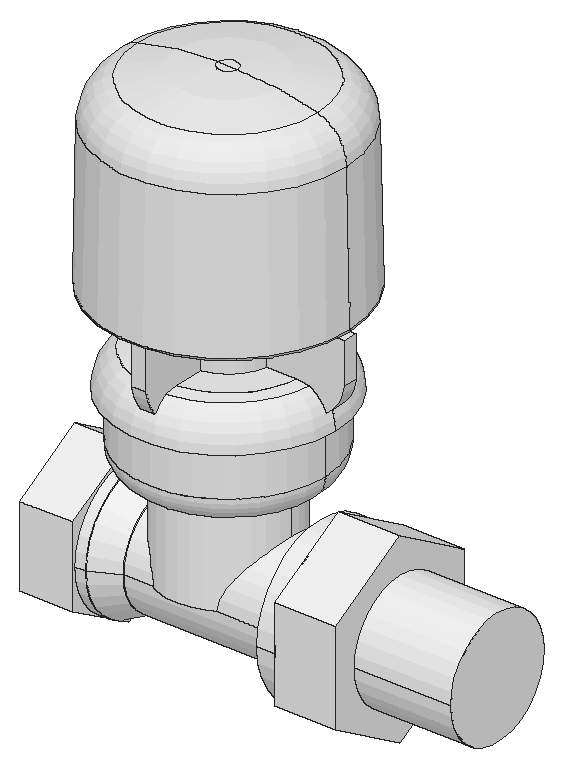
Revit family "RA-N_Straight_DN10-20_F_Aero_RFA", category Pipe Accessories, Revit 2019
Family settings
  Round Connector Dimension = Use Diameter
  Part Type = Valve - Breaks Into
  OmniClass Number = 23.65.55.14.17
  OmniClass Title = Adjusting/Controlling Valves for Liquid Services
  Work Plane-Based = No
  Always vertical = Yes
  Cut with Voids When Loaded = No
  Shared = No
Parameters (values of type "RA-N_Straight_DN20_Internal_F_013G0016")
  length = 96.60 mm
  Weight = 0.38 kg
  W = if(or(Sensor Type = [015G4540], Sensor Type = [015G4544], Sensor Type = [015G4542]), 61.00 mm, 56.00 mm)  # 56.00 mm
  Setting Range = "1-7,N"  # constant formula
  Sensor Type = Aero Sensors_RA_RFA : Aero Sensors_Built-in_7-28 °C
  SL = L1 + L2  # 74.30 mm
  Standard = if(and(LOD 350, L_nut thread1 > 8.00 mm), 1 = 1, 1 = 0)  # yes
  R_200_1 = 21.19 mm
  R_200 = 18.30 mm
  RV4 = 18.20 mm
  RV3 = 15.00 mm
  RV2 = 15.60 mm
  Pressure Drop [instance] = 0.0 bar
  Press_fit_350 = and(Press_fit, LOD 350)  # no
  Press_fit = not(Standard)  # no
  Model Type = "RA-N_Straight_DN20_Internal_F"
  Model = "013G0016"
  Max Operating Pressure = "10 bar"  # constant formula
  Max Medium Temperature = "120 ˚C"  # constant formula
  Max Differential Pressure = "0.6 bar"  # constant formula
  L4 = 14.00 mm
  Valve Body Material = Danfoss Brass (Nickel plated)
  RV5 = 13.30 mm
  LOD 350 = not(LOD 200)  # yes
  LOD 200 = no
  L8 = 4.20 mm
  L7 = 18.00 mm
  L6 = 14.00 mm
  L5 = 6.20 mm
  L [instance] = 96.60 mm
  Kvs = 1.4 m³/h
  IfcExportType = "RA-N"  # constant formula
  IfcExportAs = "IfcValveType"  # constant formula
  Ha = 84.00 mm + HT1  # 104.00 mm
  HT = HT1 + 33.00 mm  # 53.00 mm
  HT1 = if(D = 20.00 mm, 20.00 mm, 15.00 mm)  # 20.00 mm
  L3 = 12.20 mm
  URL = "https://store.danfoss.com/en/Climate-Solutions-for-heating/Radiator-Thermostats/Radiator-Valves/Build-on-valves/Presetting-valves/c/13866?q=%3Arelevance%3Adanfoss_producttypehierarchydesc%3ARA-N%3Adanfoss_a223339155%3AA223_3391558c5e50fab3748e9c53a6863b3dce1401%3Adanfoss_a2824460767%3AA2824_460767800618943025315f869e4e1f09471012%3Adanfoss_a50461501115_fts%3AA5046_150111582a2288245d249094b5396089516c12e&text="
  Manufacturer = "Danfoss"  # constant formula
  L2 = 39.30 mm
  L1 = 35.00 mm
  H [instance] = 125.189 mm
  Flow [instance] = 0.0 m³/h
  Description = "Thermostatic Radiator Valve"  # constant formula
  SD = R_200_1 * 2  # 42.38 mm
  DB1 = 29.00 mm
  DV1 = 25.00 mm
  L_nut thread2 = 18.35 mm
  L_nut thread1 = 15.85 mm
  D = 20.00 mm
  Connection = "Internal thread"  # constant formula
  015G4544 = Aero Sensors_RA_RFA : Aero Sensors_Tamperproof_Built-in_7-21 °C_015G4544
  015G4542 = Aero Sensors_RA_RFA : Aero Sensors_Tamperproof_Remote_7-26 °C_015G4542
  015G4540 = Aero Sensors_RA_RFA : Aero Sensors_Tamperproof_Built-in_7-28 °C_015G4540
Reference planes
  plane 1 "Center (Front/Back)": y = 0
  plane 2 "XYPLANE": z = 6
  plane 3 "Center (Left/Right)": x = 0
  plane 4 "63": x = 0
  plane 5 "62": x = -35
  plane 6 "61": x = 39.3
  plane 7 "60": y = 0
  plane 8 "59": z = 0
  plane 9 "Y2": x = -22.8
  plane 10: x = 61.6
  plane 11: x = 25.3
  plane 12: z = 20
  plane 13: x = 18
  plane 14: x = -14
  plane 15: x = -20.2
  plane 16: x = 21.1
  plane 17: x = -18.073
  plane 18: z = 53
  plane 19: y = 28
  plane 20: y = -28
  plane 21: z = 104
Forms (mm)
  Extrusion 1, solid, material "Danfoss Brass (Nickel plated)" <- "Valve Body Material", visible <- "LOD 350", detail levels fine
    sketch origin (-15, 0, 0) x (0, 0, 1) y (0, -1, 0)
      loop
        circle (0, 0) r 12.5
    from 1 to 33
  Extrusion 2, solid, material "Danfoss Brass (Nickel plated)" <- "Valve Body Material", visible <- "LOD 350", detail levels fine
    sketch origin (39.3, -750, 0) x (0, 1, 0) y (0, 0, 1)
      loop
        line (750, 21.189) -> (731.65, 10.594) -> (731.65, -10.594) -> (750, -21.189) -> (768.35, -10.594) -> (768.35, 10.594) -> (750, 21.189)
    from 0 to -14
  Extrusion 3, solid, material "Danfoss Brass (Nickel plated)" <- "Valve Body Material", visible <- "Standard", detail levels fine
    sketch origin (-35, -750, 0) x (0, 1, 0) y (0, 0, 1)
      loop
        line (750, 18.302) -> (734.15, 9.151) -> (734.15, -9.151) -> (750, -18.302) -> (765.85, -9.151) -> (765.85, 9.151) -> (750, 18.302)
    from 0 to 12.2 <- "L3"
  Extrusion 4, solid, material "Danfoss Brass (Nickel plated)" <- "Valve Body Material", visible <- "Standard", detail levels fine
    sketch origin (39.3, -750, 0) x (0, 1, 0) y (0, 0, 1)
      loop
        circle (750, 0) r 15.6
    from -62.1 to -59.5
  Extrusion 5, solid, material "Danfoss Brass (Nickel plated)" <- "Valve Body Material", visible <- "LOD 200", detail levels fine
    sketch origin (39.3, -750, 0) x (0, 1, 0) y (0, 0, 1)
      loop
        circle (750, 0) r 12.5
    from -62.1 to -14
  Extrusion 6, solid, material "Danfoss Brass (Nickel plated)" <- "Valve Body Material", detail levels fine
    sketch origin (0, 0, 0) x (0, 1, 0) y (0, 0, 1)
      loop
        circle (0, 0) r 13.3
    from 39.3 to 61.6
  Extrusion 7, solid, material "Danfoss Brass (Nickel plated)" <- "Valve Body Material", detail levels fine
    sketch origin (0, 0, 0) x (1, 0, 0) y (0, 1, 0)
      loop
        circle (0, 0) r 14.5
    from 0 to 20
  Blend 8, solid, material "Danfoss Brass (Nickel plated)" <- "Valve Body Material", visible <- "LOD 350", detail levels fine
    base sketch origin (0, 0, 0) x (0, 1, 0) y (0, 0, 1)
      loop
        circle (0, 0) r 15.6
    top sketch origin (0, 0, 0) x (0, 1, 0) y (0, 0, 1)
      loop
        circle (0, 0) r 12.5
    from -20.2 to -14
  Blend 9, solid, material "Danfoss Brass (Nickel plated)" <- "Valve Body Material", visible <- "LOD 350", detail levels fine
    base sketch origin (0, 0, 0) x (0, 1, 0) y (0, 0, -1)
      loop
        circle (0, 0) r 15
    top sketch origin (0, 0, 0) x (0, 1, 0) y (0, 0, -1)
      loop
        circle (0, 0) r 12.5
    from -21.1 to -18
  Extrusion 10, solid, material "Danfoss Brass (Nickel plated)" <- "Valve Body Material", visible <- "LOD 350", detail levels fine
    sketch origin (-29.5, -750, 0) x (0, 1, 0) y (0, 0, -1)
      loop
        circle (750, 0) r 18.2
    from -54.8 to -50.6
  Revolve 11, solid, material "Danfoss Brass (Nickel plated)" <- "Valve Body Material", visible <- "Press_fit_350", detail levels fine
    sketch origin (0, 0, 0) x (1, 0, 0) y (0, 0, 1)
      loop
        line (-35, 15.6) -> (-35, 0) -> (-20.2, 0) -> (-20.2, 15.6) -> (-18.073, 15.6)
        arc (-18.073, 15.6) -> (-20.437, 17.963) -> (-22.8, 15.6) r 2.363
        line (-22.8, 15.6) -> (-35, 15.6)
      axis (-35, 0) -> (-18.073, 0)
    angle from 0 to 360
  Revolve 12, solid, material "Danfoss Brass (Nickel plated)" <- "Valve Body Material", visible <- "Press_fit_350", detail levels fine
    sketch origin (0, 0, 0) x (1, 0, 0) y (0, 0, 1)
      loop
        line (39.3, 10.696) -> (39.3, 0) -> (49.232, 0) -> (49.232, 12.815) -> (42.699, 12.815) -> (42.699, 10.696) -> (39.3, 10.696)
      axis (39.3, 0) -> (49.232, 0)
    angle from 0 to 360
  Extrusion 13, solid, material "Danfoss Brass (Nickel plated)" <- "Valve Body Material", visible <- "LOD 200", detail levels fine
    sketch origin (0, 0, 0) x (0, 1, 0) y (0, 0, 1)
      loop
        circle (0, 0) r 18.3
    from -35 to -22.8
  Extrusion 14, solid, material "Danfoss Brass (Nickel plated)" <- "Valve Body Material", visible <- "LOD 200", detail levels fine
    sketch origin (0, 0, 0) x (0, 1, 0) y (0, 0, 1)
      loop
        circle (0, 0) r 21.19
    from 25.3 to 39.3
Lines and regions (mm)
  reference lines, not visible
    curve 1: circle (2, 2, 0) r 1 normal (0, 0, 1)
  reference lines, visible <- "LOD 350"
    curve 2: line (39.3, 0, 0) -> (39.3, 5.846, -3.375)
    curve 3: line (39.3, 0, 0) -> (39.3, 0, -6.75)
    curve 4: line (39.3, 0, 0) -> (39.3, -5.846, -3.375)
    curve 5: line (-35, 0, 0) -> (-35, -4.98, -2.875)
    curve 6: line (-35, 0, 0) -> (-35, 0, -5.75)
    curve 7: line (-35, 0, 0) -> (-35, 4.98, -2.875)
Dimensions and locks
  plane 1 "Center (Front/Back)" to curve 1 = 2.00 mm
  locked: plane 3 "Center (Left/Right)" to plane 4 "63"
  "L1": plane 3 "Center (Left/Right)" to plane 5 "62"
  "L2": plane 3 "Center (Left/Right)" to plane 6 "61"
  locked: plane 1 "Center (Front/Back)" to plane 7 "60"
  plane 8 "59" to plane 2 "XYPLANE" = 6.00 mm
  "L_nut thread2": curve 2 to Extrusion 2 sketch curve  (x2)
  "L_nut thread2": curve 3 to Extrusion 2 sketch curve  (x2)
  "L_nut thread2": curve 4 to Extrusion 2 sketch curve  (x2)
  "L_nut thread1": curve 5 to Extrusion 3 sketch curve  (x2)
  "L_nut thread1": curve 6 to Extrusion 3 sketch curve  (x2)
  "L_nut thread1": curve 7 to Extrusion 3 sketch curve  (x2)
  "L3": plane 5 "62" to plane 9 "Y2"
  "L4": plane 11 to plane 6 "61"
  "HT1": plane 12 to level
  "L6": plane 3 "Center (Left/Right)" to plane 14
  "L7": plane 13 to plane 3 "Center (Left/Right)"
  "L5": plane 14 to plane 15
  "length": plane 5 "62" to plane 10
  plane 6 "61" to plane 5 "62" = 74.30 mm
  "L": plane 10 to plane 5 "62"
  "L8": plane 11 to plane 16
  locked: plane 17 to plane 9 "Y2" at 4.727
  "RV2": Revolve 11 sketch curve to Revolve 11 sketch curve
  equal spacing: Revolve 12 sketch curve, Revolve 12 sketch curve, Revolve 12 sketch curve
  Revolve 12 sketch curve to Revolve 12 sketch curve = 10.696 mm
  Revolve 12 sketch curve to Revolve 12 sketch curve = 12.815 mm
  Revolve 12 sketch curve to Revolve 12 sketch curve = 2.12 mm
  "RV2": Revolve 11 sketch curve to level
  plane 18 to plane 12 = 33.00 mm
  "HT": plane 18 to level
  Extrusion 2 to Extrusion 2 = 36.70 mm
  Extrusion 3 to Extrusion 3 = 31.70 mm
  level to Extrusion 3 = 18.302 mm
  level to Extrusion 2 = 21.189 mm
  equal spacing: plane 19, plane 1 "Center (Front/Back)", plane 20
  "W": plane 19 to plane 20
  "Ha": plane 21 to level
  "H": plane 21 to Extrusion 2
  "DV1": diameter of Extrusion 1 sketch curve
  "RV2": radius of Extrusion 4 sketch curve
  "DV1": diameter of Extrusion 5 sketch curve
  "RV5": radius of Extrusion 6 sketch curve
  "DB1": diameter of Extrusion 7 sketch curve
  "RV2": radius of Blend 8 sketch curve
  "DV1": diameter of Blend 8 sketch curve
  "RV3": radius of Blend 9 sketch curve
  "DV1": diameter of Blend 9 sketch curve
  "RV4": radius of Extrusion 10 sketch curve
  radius of Revolve 11 sketch curve = 2.363 mm
  "R_200": radius of Extrusion 13 sketch curve
  "R_200_1": radius of Extrusion 14 sketch curve
  locked: curve 3 to curve 2 (angle 60.00°)
  locked: curve 4 to curve 3 (angle 60.00°)
  locked: curve 4 to curve 2 (angle 120.00°)
  locked: curve 6 to curve 5 (angle 60.00°)
  locked: curve 7 to curve 6 (angle 60.00°)
  locked: curve 7 to curve 5 (angle 120.00°)
  aligned and locked: Extrusion 1 sketch curve to plane 7 "60"
  aligned and locked: curve 4 to plane 7 "60"
  aligned and locked: plane 8 "59" to curve 4
  aligned and locked: curve 7 to plane 7 "60"
  aligned and locked: plane 8 "59" to curve 7
  aligned and locked: plane 1 "Center (Front/Back)" to Extrusion 4 sketch curve
  aligned and locked: level to Extrusion 4 sketch curve
  aligned and locked: plane 1 "Center (Front/Back)" to Extrusion 5 sketch curve
  aligned and locked: level to Extrusion 5 sketch curve
  aligned and locked: plane 9 "Y2" to Extrusion 3
  aligned and locked: plane 1 "Center (Front/Back)" to Extrusion 6 sketch curve
  aligned and locked: level to Extrusion 6 sketch curve
  aligned and locked: Extrusion 2 to plane 11
  aligned and locked: plane 4 "63" to Extrusion 7 sketch curve
  aligned and locked: plane 7 "60" to Extrusion 7 sketch curve
  aligned and locked: plane 12 to Extrusion 7
  aligned and locked: Extrusion 6 to plane 6 "61"
  aligned and locked: Extrusion 6 to plane 10
  aligned and locked: Extrusion 1 to plane 14
  aligned and locked: plane 13 to Extrusion 1
  aligned and locked: Extrusion 4 to plane 9 "Y2"
  aligned and locked: plane 15 to Extrusion 4
  aligned and locked: plane 1 "Center (Front/Back)" to Blend 8 sketch curve  (x2)
  aligned and locked: level to Blend 8 sketch curve  (x2)
  aligned and locked: Blend 8 to plane 15
  aligned and locked: plane 14 to Blend 8
  aligned and locked: plane 13 to Blend 9
  aligned and locked: plane 1 "Center (Front/Back)" to Blend 9 sketch curve  (x2)
  aligned and locked: level to Blend 9 sketch curve  (x2)
  aligned and locked: Extrusion 5 to plane 9 "Y2"
  aligned and locked: plane 11 to Extrusion 5
  aligned and locked: plane 16 to Blend 9
  aligned and locked: plane 11 to Extrusion 10
  aligned and locked: Extrusion 10 to plane 16
  aligned and locked: Revolve 11 sketch curve to plane 5 "62"
  aligned and locked: Revolve 11 sketch curve to level
  aligned and locked: plane 9 "Y2" to Revolve 11 sketch curve
  aligned and locked: Revolve 12 sketch curve to plane 6 "61"
  aligned and locked: Revolve 12 sketch curve to level
  aligned and locked: Revolve 12 sketch curve to Revolve 12 sketch curve  (x2)
  aligned and locked: Revolve 12 sketch curve to plane 10
  aligned and locked: level to Revolve 11 sketch curve
  aligned and locked: Revolve 11 sketch curve to plane 15
  aligned and locked: Revolve 11 sketch curve to Revolve 11 sketch curve  (x2)
  aligned and locked: plane 1 "Center (Front/Back)" to Extrusion 13 sketch curve
  aligned and locked: level to Extrusion 13 sketch curve
  aligned and locked: Extrusion 13 to plane 5 "62"
  aligned and locked: Extrusion 13 to plane 9 "Y2"
  aligned and locked: plane 1 "Center (Front/Back)" to Extrusion 14 sketch curve
  aligned and locked: level to Extrusion 14 sketch curve
  aligned and locked: Extrusion 14 to Extrusion 2
  aligned and locked: Extrusion 14 to plane 6 "61"
  aligned and locked: plane 3 "Center (Left/Right)" to nested 1
  aligned and locked: plane 12 to nested 1
  aligned and locked: plane 1 "Center (Front/Back)" to nested 1
  aligned and locked: plane 18 to nested 2
  aligned and locked: nested 2 to plane 5 "62"
  aligned and locked: plane 3 "Center (Left/Right)" to nested 3
  aligned and locked: plane 1 "Center (Front/Back)" to nested 3
  aligned and locked: nested 3 to plane 12
  aligned and locked: plane 1 "Center (Front/Back)" to nested 2
Automatic sketch dimensions
  plane 3 "Center (Left/Right)" to curve 1 = 2.00 mm
  plane 6 "61" to Revolve 12 sketch curve = 3.399 mm
  Revolve 12 sketch curve to Revolve 12 sketch curve = 6.533 mm
  Extrusion 1 sketch curve to level = 0.00 mm
  Extrusion 6 sketch curve to level = 0.00 mm
  Extrusion 10 sketch curve to level = 0.00 mm
  Extrusion 10 sketch curve to plane 1 "Center (Front/Back)" = 0.00 mm
  Revolve 11 sketch curve to plane 15 = 0.00 mm
  radius of curve 1 = 1.00 mm
Nested families
  nested 1: "connection neck" at (0, 0, 20), LOD 200 <- "LOD 200", type "connection", detail levels fine
    with LOD 350 yes, LOD 200 no, DN20(350) yes, DN10-15(350) no
  nested 2: "Schematic_TRV_Sensor_Straight" at (2.15, 0, 0), type "Schematic_TRV_Sensor_Straight", detail levels coarse+medium
  nested 3: "Aero Sensors_RA_RFA" at (0, 0, 20), LOD 200 <- "LOD 200", type <- "Sensor Type", type "Aero Sensors_Built-in_7-28 °C", detail levels fine
    with Y' 700.00 mm, X' 700.00 mm, LOD 350 yes, LOD 200 no, Box Z Offset 100.00 mm, Box Y Offset 100.00 mm, Box X Offset 100.00 mm
Connectors
  piping at (-35, 0, 0), diameter 20, driven by "D", driven by "Flow"
    settings: on Extrusion 3, index 2, connector inside diameter 609.6 mm, connector length 0.00 mm, flow factor 0, pipe flow 0.0 m³/h, pressure drop 0.0 bar, fitting loss kfactor 0, connector angle 0.00°, fixture units 0, engagement length 0.00 mm, angle of deflection 0.00°, flow configuration 0, flow direction 1, fitting loss method 0, system type 29, joint type 0, gender type 0, connector reference index 3, connector utility 0, adjustable connector no, is connector primary yes, connector description ""
  piping at (39.3, 0, 0), diameter 20, driven by "Flow", driven by "D"
    settings: on Extrusion 2, index 3, connector inside diameter 609.6 mm, connector length 0.00 mm, flow factor 0, pipe flow 0.0 m³/h, pressure drop 0.0 bar, fitting loss kfactor 0, connector angle 0.00°, fixture units 0, engagement length 0.00 mm, angle of deflection 0.00°, flow configuration 0, flow direction 2, fitting loss method 0, system type 29, joint type 0, gender type 0, connector reference index 2, connector utility 0, adjustable connector no, is connector primary no, connector description ""
Definition of nested family "connection neck"
  Parameters (values of type "connection")
    Model = ""
    Valve Body Material = none
    LOD 350 [instance] = not(LOD 200)  # yes
    LOD 200 [instance] = no
    IfcExportType = "Connection neck"  # constant formula
    IfcExportAs = "IfcValveType"  # constant formula
    URL = "https://store.danfoss.com/en/Climate-Solutions-for-heating/Radiator-Thermostats/Radiator-Valves/Build-on-valves/Presetting-valves/c/13866?q=%3Arelevance%3Adanfoss_producttypehierarchydesc%3ARA-N&text="
    Manufacturer = "Danfoss"  # constant formula
    HT1 = if(D = 20.00 mm, 12.55 mm, 12.65 mm)  # 12.65 mm
    HT = 33.00 mm  # constant formula
    H [instance] = 33.00 mm
    Description = "Thermostatic Radiator Valve"  # constant formula
    DN20(350) [instance] = and((LOD 350), D = 20.00 mm)  # no
    DN10-15(350) [instance] = and((LOD 350), D < 20.00 mm)  # yes
    D = 15.00 mm
  Reference planes
    plane 1 "Center (Front/Back)": y = 0
    plane 2 "XYPLANE": z = 6
    plane 3 "Center (Left/Right)": x = 0
    plane 4 "67": z = 27.03
    plane 5 "66": z = 7
    plane 6 "63": x = 0
    plane 7 "60": y = 0
    plane 8 "59": z = 0
    plane 9: z = 33
    plane 10: z = 12.65
    plane 11: z = 0
    plane 12 "HT1": z = 12.65
    plane 13: z = 6.1
    plane 14: z = 23.03
  Forms (mm)
    Revolve 1, solid, detail levels fine
      sketch origin (0, 0, 0) x (1, 0, 0) y (0, 0, 1)
        loop
          line (0, 33) -> (0, 27.03) -> (1, 27.03) -> (1, 33) -> (0, 33)
        axis (0, 27.03) -> (0, 33)
      angle from 0 to 360
    Revolve 2, solid, visible <- "DN10-15(350)", detail levels fine
      sketch origin (0, 0, 0) x (1, 0, 0) y (0, 0, 1)
        loop
          line (0, 0) -> (11.5, 0) -> (11.5, 7) -> (8.3, 7) -> (8.3, 12.65) -> (0, 12.65) -> (0, 0)
        axis (0, 12.65) -> (0, 0)
      angle from 0 to 360
    Revolve 3, solid, material <- "Valve Body Material", detail levels fine
      sketch origin (0, 0, 0) x (1, 0, 0) y (0, 0, 1)
        loop
          line (0, 23.03) -> (0, 12.65) -> (9.3, 12.65) -> (9.3, 23.03) -> (0, 23.03)
        axis (0, 12.65) -> (0, 23.03)
      angle from 0 to 360
    Revolve 4, solid, visible <- "LOD 200", detail levels fine
      sketch origin (0, 0, 0) x (1, 0, 0) y (0, 0, 1)
        loop
          line (0, 0) -> (11.5, 0) -> (11.5, 12.65) -> (0, 12.65) -> (0, 0)
        axis (0, 0) -> (0, 12.65)
      angle from 0 to 360
    Extrusion 5, solid, visible <- "LOD 350", detail levels fine
      sketch origin (0, 0, 0) x (1, 0, 0) y (0, 1, 0)
        loop
          line (-2.887, 5) -> (-5.774, 0) -> (-2.887, -5) -> (2.887, -5) -> (5.774, 0) -> (2.887, 5) -> (-2.887, 5)
      from 23.03 to 27.03
    Revolve 6, solid, visible <- "LOD 200", detail levels fine
      sketch origin (0, 0, 0) x (1, 0, 0) y (0, 0, 1)
        loop
          line (0, 27.03) -> (0, 23.03) -> (5.774, 23.03) -> (5.774, 27.03) -> (0, 27.03)
        axis (0, 27.03) -> (0, 23.03)
      angle from 0 to 360
    Revolve 7, solid, visible <- "DN20(350)", detail levels fine
      sketch origin (0, 0, 0) x (1, 0, 0) y (0, 0, 1)
        loop
          line (0, 0) -> (11.5, 0) -> (11.5, 6.1) -> (8.3, 6.1) -> (8.3, 12.65) -> (0, 12.65) -> (0, 0)
        axis (0, 12.65) -> (0, 0)
      angle from 0 to 360
  Lines and regions (mm)
    reference lines, not visible
      curve 1: circle (2, 2, 0) r 1 normal (0, 0, 1)
    reference lines, visible <- "LOD 350"
      curve 2: line (32, 0, 0) -> (32, 5.846, -3.375)
      curve 3: line (32, 0, 0) -> (32, 0, -6.75)
      curve 4: line (32, 0, 0) -> (32, -5.846, -3.375)
      curve 5: line (-29, 0, 0) -> (-29, -4.98, -2.875)
      curve 6: line (-29, 0, 0) -> (-29, 0, -5.75)
      curve 7: line (-29, 0, 0) -> (-29, 4.98, -2.875)
  Dimensions and locks
    plane 1 "Center (Front/Back)" to curve 1 = 2.00 mm
    locked: plane 3 "Center (Left/Right)" to plane 6 "63"
    locked: plane 1 "Center (Front/Back)" to plane 7 "60"
    plane 8 "59" to plane 2 "XYPLANE" = 6.00 mm
    "HT": plane 9 to level
    Revolve 3 sketch curve to Revolve 3 sketch curve = 9.30 mm
    Revolve 2 sketch curve to plane 3 "Center (Left/Right)" = 11.50 mm
    Revolve 2 sketch curve to plane 3 "Center (Left/Right)" = 8.30 mm
    Revolve 4 sketch curve to Revolve 4 sketch curve = 11.50 mm
    Extrusion 5 sketch curve to Extrusion 5 sketch curve = 10.00 mm  (x3)
    equal spacing: Extrusion 5 sketch curve, plane 1 "Center (Front/Back)", Extrusion 5 sketch curve
    equal spacing: Extrusion 5 sketch curve, plane 3 "Center (Left/Right)", Extrusion 5 sketch curve  (x2)
    Revolve 6 sketch curve to Revolve 6 sketch curve = 5.774 mm
    "H": plane 9 to plane 11
    Revolve 1 sketch curve to Revolve 1 sketch curve = 1.00 mm
    locked: level to plane 11
    Revolve 7 sketch curve to plane 3 "Center (Left/Right)" = 8.30 mm
    Revolve 7 sketch curve to plane 3 "Center (Left/Right)" = 11.50 mm
    plane 10 to plane 5 "66" = 5.65 mm
    "HT1": plane 12 "HT1" to level
    locked: plane 13 to level at 6.1
    plane 12 "HT1" to plane 13 = 6.55 mm
    locked: plane 14 to plane 12 "HT1" at 10.38
    locked: plane 4 "67" to plane 14 at 4
    locked: plane 5 "66" to level at 7
    locked: curve 3 to curve 2 (angle 60.00°)
    locked: curve 4 to curve 3 (angle 60.00°)
    locked: curve 4 to curve 2 (angle 120.00°)
    locked: curve 6 to curve 5 (angle 60.00°)
    locked: curve 7 to curve 6 (angle 60.00°)
    locked: curve 7 to curve 5 (angle 120.00°)
    aligned and locked: curve 4 to plane 7 "60"
    aligned and locked: plane 8 "59" to curve 4
    aligned and locked: curve 7 to plane 7 "60"
    aligned and locked: plane 8 "59" to curve 7
    aligned and locked: Revolve 1 sketch curve to plane 6 "63"
    aligned and locked: Revolve 1 sketch curve to plane 9
    aligned and locked: plane 6 "63" to Revolve 1 sketch curve
    aligned and locked: Revolve 2 sketch curve to plane 5 "66"
    aligned and locked: Revolve 2 sketch curve to plane 3 "Center (Left/Right)"
    aligned and locked: Revolve 2 sketch curve to Revolve 2 sketch curve
    aligned and locked: Revolve 3 sketch curve to plane 6 "63"
    aligned and locked: plane 6 "63" to Revolve 3 sketch curve
    aligned and locked: Revolve 4 sketch curve to plane 6 "63"
    aligned and locked: plane 2 "XYPLANE" to Revolve 4 sketch curve
    aligned and locked: plane 6 "63" to Revolve 4 sketch curve
    aligned and locked: Revolve 1 sketch curve to plane 4 "67"
    aligned and locked: plane 4 "67" to Revolve 1 sketch curve
    aligned and locked: Revolve 2 sketch curve to plane 11
    aligned and locked: plane 11 to Revolve 2 sketch curve
    aligned and locked: plane 4 "67" to Extrusion 5
    aligned and locked: plane 10 to Revolve 4
    aligned and locked: Revolve 6 sketch curve to plane 6 "63"  (x2)
    aligned and locked: Revolve 6 sketch curve to plane 4 "67"
    aligned and locked: Revolve 6 sketch curve to Revolve 1
    aligned and locked: Revolve 6 sketch curve to Revolve 6 sketch curve
    aligned and locked: Revolve 7 sketch curve to level
    aligned and locked: Revolve 7 sketch curve to plane 3 "Center (Left/Right)"  (x2)
    aligned and locked: Revolve 4 sketch curve to plane 12 "HT1"
    aligned and locked: Revolve 3 sketch curve to plane 12 "HT1"
    aligned and locked: Revolve 2 sketch curve to plane 12 "HT1"
    aligned and locked: Revolve 7 sketch curve to plane 12 "HT1"
    aligned and locked: Revolve 7 sketch curve to plane 13
    aligned and locked: Revolve 3 sketch curve to plane 14
    aligned and locked: Extrusion 5 to plane 14
  Automatic sketch dimensions
    plane 3 "Center (Left/Right)" to curve 1 = 2.00 mm
    plane 9 to Revolve 1 sketch curve = 0.838 mm
    Revolve 3 sketch curve to plane 3 "Center (Left/Right)" = 0.00 mm
    plane 5 "66" to Revolve 3 sketch curve = 2.50 mm
    Revolve 3 sketch curve to plane 9 = 1.691 mm
    Revolve 4 sketch curve to plane 11 = 0.00 mm
    Revolve 4 sketch curve to plane 9 = 0.30 mm
    plane 1 "Center (Front/Back)" to Extrusion 5 sketch curve = 0.00 mm
    Extrusion 5 sketch curve to Extrusion 5 sketch curve = 2.887 mm
    Revolve 7 sketch curve to Revolve 7 sketch curve = 0.00 mm
    Revolve 7 sketch curve to Revolve 7 sketch curve = 11.48 mm
    Revolve 2 sketch curve to plane 4 "67" = 3.00 mm
    Revolve 6 sketch curve to plane 4 "67" = 4.00 mm
    radius of curve 1 = 1.00 mm
Definition of nested family "Aero Sensors_RA_RFA"
  Parameters (values of type "Aero Sensors_Built-in_7-28 °C")
    YH = XYadd - H'  # 516.00 mm
    Y' [instance] = if(Box Y Offset < -1 * XYlimit, XYadd - XYlimit, (if(Box Y Offset > XYlimit, XYadd + XYlimit, Box Y Offset + XYadd)))  # 700.00 mm
    XYadd = XYlimit + 100.00 mm  # 600.00 mm
    X' [instance] = if(Box X Offset < -1 * XYlimit, XYadd - XYlimit, (if(Box X Offset > XYlimit, XYadd + XYlimit, Box X Offset + XYadd)))  # 700.00 mm
    XYlimit = 500.00 mm
    W [instance] = 56.00 mm
    Min Temperature Setting = "7 °C"
    Max Temperature Setting = "28 °C"
    Max Capillary Tube Length = 0.00 mm
    Sensor Media = "Gas"  # constant formula
    Remote Sensor = if(RS = 1, 1 = 1, 1 = 0)  # no
    Box Z Offset [instance] = 100.00 mm  # constant formula
    URL = "https://store.danfoss.com/en/Climate-Solutions-for-heating/Radiator-Thermostats/Radiator-sensors/Room-sensor-mTRV/Sensors-for-Danfoss-RA-valves/c/13884?q=%3Arelevance%3Adanfoss_producttypehierarchydesc%3ADanfoss+Aero%C2%AE+Sensors%3Adanfoss_a1186338575%3AA1186_3385757565fa0f3e171a343b2fd2a01064cb82&text="
    RS = 0
    Model Type = "Aero Sensors_Built-in_7-28 °C"
    Model = "015G4590,015G4594,015G4580,015G5201,015G4595,015G4598"
    Manufacturer = "Danfoss"  # constant formula
    LOD 350 [instance] = not(LOD 200)  # yes
    LOD 200 [instance] = no
    L [instance] = 56.00 mm
    IfcExportType = "Aero Sensors"  # constant formula
    IfcExportAs = "IfcActuatorType"  # constant formula
    H' = 84.00 mm
    H [instance] = 84.00 mm
    Description = "Radiator Sensor"  # constant formula
    Connection = "RA"  # constant formula
    Box Y Offset [instance] = 100.00 mm
    Box X Offset [instance] = 100.00 mm
    Body Material = none
    Aero Sensor = Aero_RFA : Aero Sensors
  Types (11, lengths in mm): name | YH | Y' | XYadd | X' | XYlimit | W | Min Temperature Setting | Max Temperature Setting | Max Capillary Tube Length | Remote Sensor | URL | RS | Model Type | Model | L | Aero Sensor
    (no name) | 516.00 | 700.00 | 600.00 | 700.00 | 500.00 | 56.00 | "7 °C" | "28 °C" | 0.00 | no | "https://store.danfoss.com/en/Climate-Solutions-for-heating/Radiator-Thermostats/Radiator-sensors/Room-sensor-mTRV/Sensors-for-Danfoss-RA-valves/c/13884?q=%3Arelevance%3Adanfoss_producttypehierarchydesc%3ADanfoss+Aero%C2%AE+Sensors%3Adanfoss_a1186338575%3AA1186_3385757565fa0f3e171a343b2fd2a01064cb82&text=" | 0 | "Aero Sensors_Built-in_7-28 °C" | "015G4590,015G4594,015G4580,015G5201,015G4595,015G4598" | 56.00 | Aero_RFA : Aero Sensors
    Aero Sensors_Built-in_7-28 °C | 516.00 | 700.00 | 600.00 | 700.00 | 500.00 | 56.00 | "7 °C" | "28 °C" | 0.00 | no | "https://store.danfoss.com/en/Climate-Solutions-for-heating/Radiator-Thermostats/Radiator-sensors/Room-sensor-mTRV/Sensors-for-Danfoss-RA-valves/c/13884?q=%3Arelevance%3Adanfoss_producttypehierarchydesc%3ADanfoss+Aero%C2%AE+Sensors%3Adanfoss_a1186338575%3AA1186_3385757565fa0f3e171a343b2fd2a01064cb82&text=" | 0 | "Aero Sensors_Built-in_7-28 °C" | "015G4590,015G4594,015G4580,015G5201,015G4595,015G4598" | 56.00 | Aero_RFA : Aero Sensors
    Aero Sensors_Tamperproof_Built-in_7-28 °C_015G4540 | 516.00 | 700.00 | 600.00 | 700.00 | 500.00 | 61.00 | "7 °C" | "28 °C" | 0.00 | no | "https://store.danfoss.com/en/Climate-Solutions-for-heating/Radiator-Thermostats/Radiator-sensors/Room-sensor-mTRV/Sensors-for-Danfoss-RA-valves/c/13884?q=%3Arelevance%3Adanfoss_producttypehierarchydesc%3ADanfoss+Aero%C2%AE+Sensors%3Adanfoss_a1186338575%3AA1186_3385757565fa0f3e171a343b2fd2a01064cb82&text=" | 0 | "Aero Sensors_Tamperproof_Built-in_7-28 °C" | "015G4540" | 61.00 | Aero_RFA : Aero Sensors_Tamper
    Aero Sensors_Remote_7-26 °C_015G4592 | 1016.00 | 1200.00 | 1100.00 | 1200.00 | 1000.00 | 56.00 | "7 °C" | "26 °C" | 2000.00 | yes | "https://store.danfoss.com/en/Climate-Solutions-for-heating/Radiator-Thermostats/Radiator-sensors/Room-sensor-mTRV/Sensors-for-Danfoss-RA-valves/c/13884?q=%3Arelevance%3Adanfoss_producttypehierarchydesc%3ADanfoss+Aero%C2%AE+Sensors%3Adanfoss_a1186338575%3AA1186_3385756922a4d78decdb47e1e9a53dbb12a95d&text=" | 1 | "Aero Sensors_Remote_7-26 °C" | "015G4592" | 56.00 | Aero_RFA : Aero Sensors
    Aero Sensors_Tamperproof_Remote_7-26 °C_015G4542 | 1016.00 | 1200.00 | 1100.00 | 1200.00 | 1000.00 | 61.00 | "7 °C" | "26 °C" | 2000.00 | yes | "https://store.danfoss.com/en/Climate-Solutions-for-heating/Radiator-Thermostats/Radiator-sensors/Room-sensor-mTRV/Sensors-for-Danfoss-RA-valves/c/13884?q=%3Arelevance%3Adanfoss_producttypehierarchydesc%3ADanfoss+Aero%C2%AE+Sensors%3Adanfoss_a1186338575%3AA1186_3385756922a4d78decdb47e1e9a53dbb12a95d&text=" | 1 | "Aero Sensors_Tamperproof_Remote_7-26 °C" | "015G4542" | 61.00 | Aero_RFA : Aero Sensors_Tamper
    Aero Sensors_Built-in_16-28 °C | 516.00 | 700.00 | 600.00 | 700.00 | 500.00 | 56.00 | "16 °C" | "28 °C" | 0.00 | no | "https://store.danfoss.com/en/Climate-Solutions-for-heating/Radiator-Thermostats/Radiator-sensors/Room-sensor-mTRV/Sensors-for-Danfoss-RA-valves/c/13884?q=%3Arelevance%3Adanfoss_producttypehierarchydesc%3ADanfoss+Aero%C2%AE+Sensors%3Adanfoss_a1186338575%3AA1186_3385757565fa0f3e171a343b2fd2a01064cb82&text=" | 0 | "Aero Sensors_Built-in_16-28 °C" | "015G4596,015G5200" | 56.00 | Aero_RFA : Aero Sensors
    Aero Sensors_Built-in_7-21 °C | 516.00 | 700.00 | 600.00 | 700.00 | 500.00 | 56.00 | "7 °C" | "21 °C" | 0.00 | no | "https://store.danfoss.com/en/Climate-Solutions-for-heating/Radiator-Thermostats/Radiator-sensors/Room-sensor-mTRV/Sensors-for-Danfoss-RA-valves/c/13884?q=%3Arelevance%3Adanfoss_producttypehierarchydesc%3ADanfoss+Aero%C2%AE+Sensors%3Adanfoss_a1186338575%3AA1186_3385757565fa0f3e171a343b2fd2a01064cb82&text=" | 0 | "Aero Sensors_Built-in_7-21 °C" | "015G4690,015G4680" | 56.00 | Aero_RFA : Aero Sensors
    Aero Sensors_Built-in_7-22 °C_015G4622 | 516.00 | 700.00 | 600.00 | 700.00 | 500.00 | 56.00 | "7 °C" | "22 °C" | 0.00 | no | "https://store.danfoss.com/en/Climate-Solutions-for-heating/Radiator-Thermostats/Radiator-sensors/Room-sensor-mTRV/Sensors-for-Danfoss-RA-valves/c/13884?q=%3Arelevance%3Adanfoss_producttypehierarchydesc%3ADanfoss+Aero%C2%AE+Sensors%3Adanfoss_a1186338575%3AA1186_3385757565fa0f3e171a343b2fd2a01064cb82&text=" | 0 | "Aero Sensors_Built-in_7-22 °C" | "015G4622" | 56.00 | Aero_RFA : Aero Sensors
    Aero Sensors_Built-in_7-23 °C | 516.00 | 700.00 | 600.00 | 700.00 | 500.00 | 56.00 | "7 °C" | "23 °C" | 0.00 | no | "https://store.danfoss.com/en/Climate-Solutions-for-heating/Radiator-Thermostats/Radiator-sensors/Room-sensor-mTRV/Sensors-for-Danfoss-RA-valves/c/13884?q=%3Arelevance%3Adanfoss_producttypehierarchydesc%3ADanfoss+Aero%C2%AE+Sensors%3Adanfoss_a1186338575%3AA1186_3385757565fa0f3e171a343b2fd2a01064cb82&text=" | 0 | "Aero Sensors_Built-in_7-23 °C" | "015G4623,015G5205" | 56.00 | Aero_RFA : Aero Sensors
    Aero Sensors_Remote_7-21 °C | 1016.00 | 1200.00 | 1100.00 | 1200.00 | 1000.00 | 56.00 | "7 °C" | "21 °C" | 2000.00 | yes | "https://store.danfoss.com/en/Climate-Solutions-for-heating/Radiator-Thermostats/Radiator-sensors/Room-sensor-mTRV/Sensors-for-Danfoss-RA-valves/c/13884?q=%3Arelevance%3Adanfoss_producttypehierarchydesc%3ADanfoss+Aero%C2%AE+Sensors%3Adanfoss_a1186338575%3AA1186_3385756922a4d78decdb47e1e9a53dbb12a95d&text=" | 1 | "Aero Sensors_Remote_7-21 °C" | "015G4692,015G4682" | 56.00 | Aero_RFA : Aero Sensors
    Aero Sensors_Tamperproof_Built-in_7-21 °C_015G4544 | 516.00 | 700.00 | 600.00 | 700.00 | 500.00 | 56.00 | "7 °C" | "21 °C" | 0.00 | no | "https://store.danfoss.com/en/Climate-Solutions-for-heating/Radiator-Thermostats/Radiator-sensors/Room-sensor-mTRV/Sensors-for-Danfoss-RA-valves/c/13884?q=%3Arelevance%3Adanfoss_producttypehierarchydesc%3ADanfoss+Aero%C2%AE+Sensors%3Adanfoss_a1186338575%3AA1186_3385757565fa0f3e171a343b2fd2a01064cb82&text=" | 0 | "Aero Sensors_Tamperproof_Built-in_7-21 °C" | "015G4544" | 56.00 | Aero_RFA : Aero Sensors_Tamper
  Reference planes
    plane 1 "Center (Front/Back)": y = 0
    plane 2: z = 0
    plane 3 "Center (Left/Right)": x = 0
    plane 4: x = -600
    plane 5: z = -516
    plane 6: z = 184
  Lines and regions (mm)
    reference lines
      curve 1: line (100, 100, 0) -> (100, 0, 0)
      curve 2: line (17.515, 100, 0) -> (-57.515, 100, 0)
  Dimensions and locks
    "XYadd": plane 4 to plane 3 "Center (Left/Right)"
    "YH": level to plane 5
    locked: plane 1 "Center (Front/Back)" to curve 2 at 100
    "Y'": plane 6 to plane 5
    "X'": plane 4 to curve 1
    "Box Z Offset": nested 1 to plane 1 "Center (Front/Back)"
    nested 1 to plane 3 "Center (Left/Right)" = 100.00 mm
    "H": nested 2 to level
    nested 1 to nested 2 = 100.00 mm
    "L": nested 2 to nested 2
    "W": nested 2 to nested 2
    aligned and locked: level to plane 2
    aligned and locked: curve 1 to nested 1
    aligned and locked: plane 6 to nested 1
    aligned and locked: plane 3 "Center (Left/Right)" to nested 2
    aligned and locked: nested 2 to level
    aligned and locked: plane 1 "Center (Front/Back)" to nested 2
  Automatic sketch dimensions
    plane 1 "Center (Front/Back)" to curve 1 = 0.00 mm
    plane 3 "Center (Left/Right)" to curve 2 = 17.515 mm
    curve 2 to plane 3 "Center (Left/Right)" = 57.515 mm
  Nested families
    nested 1: "Remote sensor_box_RFA" at (100, 100, 184) x (-1, 0, 0) z (0, -1, 0), LOD 200 <- "LOD 200", Body Material <- "Body Material", visible <- "Remote Sensor", type "Remote sensor_box"
      with LOD 350 yes, LOD 200 no, Body Material none
    nested 2: "Aero_RFA" at (0, 0, 0), type <- "Aero Sensor", type "Aero Sensors", detail levels fine
  Definition of nested family "Remote sensor_box_RFA"
    Parameters (values of type "Remote sensor_box")
      W [instance] = 56.00 mm
      URL = ""
      Sensor Media = "Gas Sensor"  # constant formula
      Model = ""
      Manufacturer = "Danfoss"  # constant formula
      LOD 350 [instance] = not(LOD 200)  # no
      LOD 200 [instance] = yes
      L [instance] = 26.00 mm
      IfcExportType = "Remote Gas Sensor"  # constant formula
      IfcExportAs = "IfcActuatorType"  # constant formula
      H [instance] = 25.00 mm
      Description = "Radiator Sensor"  # constant formula
      Default Elevation = 1219.20 mm
      Body Material [instance] = none
    Reference planes
      plane 1 "Center (Front/Back)": y = 0
      plane 2: z = 0
      plane 3 "Center (Left/Right)": x = 0
      plane 4: z = 25
      plane 5: y = 28
      plane 6: y = -28
      plane 7: x = -13
      plane 8: x = 13
    Forms (mm)
      Extrusion 1, solid, material <- "Body Material", detail levels fine
        sketch origin (0, 0, 83.1) x (0, -1, 0) y (1, 0, 0)
          loop
            line (-23.8, -10) -> (23.8, -10) -> (23.8, 9.915) -> (-23.8, 9.915) -> (-23.8, -10)
        from -83.1 to -77.6
      Extrusion 2, solid, material <- "Body Material", visible <- "LOD 200", detail levels fine
        sketch origin (0, 0, 88.6) x (0, -1, 0) y (1, 0, 0)
          loop
            line (-28, -13) -> (28, -13) -> (28, 13) -> (-28, 13) -> (-28, -13)
        from -83.1 to -63.6
      Blend 3, solid, material <- "Body Material", visible <- "LOD 350", detail levels fine
        base sketch origin (0, 0, 82.972) x (0, -1, 0) y (1, 0, 0)
          loop
            line (-28.001, -13) -> (28, -13) -> (28, 13) -> (-28.001, 13) -> (-28.001, -13)
        top sketch origin (0, 0, 82.972) x (0, -1, 0) y (1, 0, 0)
          loop
            line (-26.435, -11.489) -> (26.435, -11.489) -> (26.435, 11.489) -> (-26.435, 11.489) -> (-26.435, -11.489)
        from -77.6 to -57.972
      Extrusion 4, void
        sketch origin (0, 0, 0) x (0, 1, 0) y (0, 0, 1)
          loop
            line (28.001, 5.372) -> (31.043, 5.372) -> (31.043, 25) -> (25.964, 25) -> (28.001, 5.372)
          loop
            line (-25.965, 25) -> (-31.105, 25) -> (-31.105, 5.372) -> (-28, 5.372) -> (-25.965, 25)
        from -17.5 to 17.5
      Extrusion 5, solid, material <- "Body Material", detail levels coarse+medium
        sketch origin (0, 0, 0) x (0, 1, 0) y (0, 0, 1)
          loop
            line (28, 25) -> (-28, 25) -> (-28, 0) -> (28, 0) -> (28, 25)
        from -13 to 13
    Dimensions and locks
      "H": plane 4 to level
      equal spacing: plane 7, plane 3 "Center (Left/Right)", plane 8
      equal spacing: plane 5, plane 1 "Center (Front/Back)", plane 6
      "W": plane 5 to plane 6
      "L": plane 7 to plane 8
      plane 8 to plane 7 = 26.00 mm
      level to Extrusion 5 = 25.00 mm
      aligned and locked: level to plane 2
      aligned and locked: Extrusion 1 to level
      aligned and locked: Extrusion 2 to plane 7
      aligned and locked: plane 8 to Extrusion 2
      aligned and locked: plane 4 to Extrusion 2
      aligned and locked: plane 5 to Extrusion 2
      aligned and locked: Extrusion 2 to plane 6
    Automatic sketch dimensions
      Extrusion 1 sketch curve to plane 5 = 4.20 mm
      plane 6 to Extrusion 1 sketch curve = 4.20 mm
      plane 7 to Extrusion 1 sketch curve = 3.00 mm
      Extrusion 1 sketch curve to plane 8 = 3.085 mm
      Extrusion 2 sketch curve to plane 5 = 0.00 mm
      Extrusion 2 sketch curve to plane 6 = 0.00 mm
      plane 7 to Extrusion 2 sketch curve = 0.00 mm
      Extrusion 2 sketch curve to plane 8 = 0.00 mm
      plane 6 to Blend 3 sketch curve = 0.00 mm
      Blend 3 sketch curve to plane 5 = 1.565 mm
      plane 7 to Blend 3 sketch curve = 1.511 mm
      plane 6 to Blend 3 sketch curve = 1.565 mm
      Blend 3 sketch curve to plane 8 = 1.511 mm
      Extrusion 4 sketch curve to plane 4 = 0.00 mm  (x2)
      Extrusion 4 sketch curve to plane 6 = 3.105 mm
      plane 6 to Extrusion 4 sketch curve = 0.00 mm
      plane 5 to Extrusion 4 sketch curve = 0.001 mm
      level to Extrusion 4 sketch curve = 5.372 mm  (x2)
      plane 6 to Extrusion 4 sketch curve = 2.035 mm
      Extrusion 4 sketch curve to plane 5 = 2.036 mm
      Extrusion 4 sketch curve to Extrusion 4 sketch curve = 3.042 mm
      plane 5 to Blend 3 sketch curve = 0.001 mm
      plane 7 to Blend 3 sketch curve = 0.00 mm
      Blend 3 sketch curve to plane 8 = 0.00 mm
      Extrusion 5 sketch curve to plane 4 = 0.00 mm
      Extrusion 5 sketch curve to plane 6 = 0.00 mm
      Extrusion 5 sketch curve to level = 0.00 mm
      Extrusion 5 sketch curve to plane 5 = 0.00 mm
  Definition of nested family "Aero_RFA"
    Parameters (values of type "Aero Sensors")
      W = L  # 56.00 mm
      URL = ""
      Model Type = "Aero Sensors"
      L = 56.00 mm
      Sensor Media = "Gas"  # constant formula
      Model = ""
      Manufacturer = "Danfoss"  # constant formula
      LOD 350 = not(LOD 200)  # yes
      LOD 200 = no
      IfcExportType = "Aero Sensors"  # constant formula
      IfcExportAs = "IfcActuatorType"  # constant formula
      H [instance] = 84.00 mm
      Description = "Radiator Sensor"  # constant formula
      D1 = 1.00 mm
      Connection = "RA"  # constant formula
      Body Material = none
      With Tamper (LOD 200) = if(and(LOD 200, D1 = 0.00 mm), 1 = 1, 1 = 0)  # no
      With Tamper (LOD 350) = if(and(LOD 350, D1 = 0.00 mm), 1 = 1, 1 = 0)  # no
      Standard (LOD 200) = if(and(LOD 200, D1 > 0.00 mm), 1 = 1, 1 = 0)  # no
      Standard (LOD 350) = if(and(LOD 350, D1 > 0.00 mm), 1 = 1, 1 = 0)  # yes
    Types (2, lengths in mm): name | W | Model Type | L | D1 | With Tamper (LOD 350) | Standard (LOD 350)
      Aero Sensors | 56.00 | "Aero Sensors" | 56.00 | 1.00 | no | yes
      Aero Sensors_Tamper | 61.00 | "Aero Sensors_Tamper" | 61.00 | 0.00 | yes | no
    Reference planes
      plane 1 "Center (Front/Back)": y = 0
      plane 2: z = 0
      plane 3 "Center (Left/Right)": x = 0
      plane 4: z = 84
      plane 5: z = 15.7
      plane 6: z = 55.7
      plane 7: z = 38.9
      plane 8: x = 28
      plane 9: x = -28
      plane 10: y = 28
      plane 11: y = -28
    Forms (mm)
      Revolve 1, solid, material <- "Body Material", visible <- "Standard (LOD 350)"
        sketch origin (58.75, 0, 0) x (1, 0, 0) y (0, 0, 1)
          loop
            line (-81.015, 17.711) -> (-81.015, 7.41)
            arc (-81.015, 7.41) -> (-79.155, 2.921) -> (-74.665, 1.061) r 6.349
            line (-74.665, 1.061) -> (-72.426, 1.061) -> (-71.627, 0) -> (-58.75, 0) -> (-58.75, 26.296) -> (-75.835, 26.296) -> (-78.801, 25.879)
            arc (-78.801, 25.879) -> (-82.169, 22.397) -> (-83.397, 17.711) r 9.556
            line (-83.397, 17.711) -> (-81.015, 17.711)
          axis (-58.75, 26.296) -> (-58.75, 0)
        angle from 0 to 360
      Revolve 2, solid, material <- "Body Material", visible <- "Standard (LOD 200)"
        sketch origin (0, 0, 0) x (1, 0, 0) y (0, 0, 1)
          loop
            line (-27.989, 71.35) -> (-27.989, 26.296) -> (0, 26.296) -> (0, 83.808) -> (-6.101, 83.808)
            arc (-6.101, 83.808) -> (-13.09, 83.312) -> (-19.938, 81.833) r 49.463
            arc (-19.938, 81.833) -> (-25.744, 77.959) -> (-27.989, 71.35) r 10.851
          axis (0, 83.808) -> (0, 26.296)
        angle from 0 to 360
      Extrusion 3, solid, material <- "Body Material", visible <- "Standard (LOD 350)"
        sketch origin (0, 0, 0) x (1, 0, 0) y (0, 0, 1)
          loop
            line (-10.112, 38.861) -> (-18.956, 38.861) -> (-22.118, 37.969) -> (-28, 37.969) -> (-28, 28.615)
            arc (-28, 28.615) -> (-24.743, 22.336) -> (-18.133, 19.817) r 9.932
            line (-18.133, 19.817) -> (-10.112, 19.817) -> (-10.112, 38.861)
        from -1.599 to 1.564
      Extrusion 4, solid, material <- "Body Material", visible <- "Standard (LOD 350)"
        sketch origin (0, 0, 0) x (0, 1, 0) y (0, 0, 1)
          loop
            line (-7.612, 38.861) -> (-16.456, 38.861) -> (-19.618, 37.969) -> (-25.5, 37.969) -> (-25.5, 28.615)
            arc (-25.5, 28.615) -> (-22.243, 22.336) -> (-15.633, 19.817) r 9.932
            line (-15.633, 19.817) -> (-7.612, 19.817) -> (-7.612, 38.861)
        from -1.599 to 1.564
      Extrusion 5, solid, material <- "Body Material", visible <- "Standard (LOD 350)"
        sketch origin (0, 0, 0) x (-1, 0, 0) y (0, 0, -1)
          loop
            line (-10.112, -38.861) -> (-10.112, -19.817) -> (-18.133, -19.817)
            arc (-18.133, -19.817) -> (-24.743, -22.336) -> (-28, -28.615) r 9.932
            line (-28, -28.615) -> (-28, -37.969) -> (-22.118, -37.969) -> (-18.956, -38.861) -> (-10.112, -38.861)
        from -1.599 to 1.564
      Revolve 6, solid, material <- "Body Material", visible <- "Standard (LOD 200)"
        sketch origin (0, 0, 0) x (1, 0, 0) y (0, 0, 1)
          loop
            line (-22.577, 26.296) -> (-22.577, 0) -> (0, 0) -> (0, 26.296) -> (-22.577, 26.296)
          axis (0, 26.296) -> (0, 0)
        angle from 0 to 360
      Revolve 7, solid, material <- "Body Material", visible <- "With Tamper (LOD 200)"
        sketch origin (0, 0, 0) x (1, 0, 0) y (0, 0, 1)
          loop
            line (-17.049, 15.7) -> (-17.049, 0) -> (0, 0) -> (0, 15.7) -> (-17.049, 15.7)
          axis (0, 15.7) -> (0, 0)
        angle from 0 to 360
      Extrusion 8, solid, material <- "Body Material", visible <- "Standard (LOD 350)"
        sketch origin (0, 0, 0) x (0, 1, 0) y (0, 0, 1)
          loop
            line (7.612, 38.861) -> (7.612, 19.42) -> (16.192, 19.42)
            arc (16.192, 19.42) -> (20.244, 20.167) -> (23.763, 22.31) r 11.36
            arc (23.763, 22.31) -> (25.412, 24.295) -> (26.713, 26.524) r 15.693
            line (26.713, 26.524) -> (25.847, 26.524) -> (25.847, 38.861) -> (7.612, 38.861)
        from -1.6 to 1.56
      Revolve 9, solid, material <- "Body Material", visible <- "Standard (LOD 350)"
        sketch origin (0, 0, 0) x (1, 0, 0) y (0, 0, 1)
          loop
            line (0, 38.861) -> (-10.112, 38.861) -> (-10.112, 26.296) -> (0, 26.296) -> (0, 38.861)
          axis (0, 38.861) -> (0, 26.296)
        angle from 0 to 360
      Extrusion 10, solid, visible <- "Standard (LOD 350)"
        sketch origin (-10, 0, 0) x (1, 0, 0) y (0, 0, 1)
          loop
            arc (11.774, 26.527) -> (13.062, 27.175) -> (13.617, 28.507) r 2.075
            line (13.617, 28.507) -> (13.617, 31.972)
            arc (13.617, 31.972) -> (13.435, 33.865) -> (12.894, 35.69) r 9.921
            arc (12.894, 35.69) -> (12.616, 36.316) -> (12.295, 36.921) r 9.921
            arc (12.295, 36.921) -> (11.778, 37.482) -> (11.072, 37.77) r 1.747
            line (11.072, 37.77) -> (8.928, 37.77)
            arc (8.928, 37.77) -> (8.222, 37.482) -> (7.705, 36.921) r 1.747
            arc (7.705, 36.921) -> (7.384, 36.316) -> (7.106, 35.69) r 9.921
            arc (7.106, 35.69) -> (6.565, 33.865) -> (6.383, 31.972) r 9.921
            line (6.383, 31.972) -> (6.383, 28.507)
            arc (6.383, 28.507) -> (6.938, 27.175) -> (8.226, 26.527) r 2.075
            line (8.226, 26.527) -> (11.774, 26.527)
        from -27.797 to -25.847
      Revolve 11, solid, material <- "Body Material", visible <- "Standard (LOD 350)"
        sketch origin (0, 0, 0) x (1, 0, 0) y (0, 0, 1)
          loop
            line (-27.181, 72.625) -> (-27.823, 39.37)
            arc (-27.823, 39.37) -> (-27.604, 38.947) -> (-27.131, 38.9) r 0.499
            line (-27.131, 38.9) -> (-17.836, 38.9) -> (0, 38.9) -> (0, 83.811) -> (-2.223, 83.811)
            arc (-2.223, 83.811) -> (-11.503, 83.187) -> (-20.617, 81.328) r 69.366
            arc (-20.617, 81.328) -> (-25.309, 78.04) -> (-27.181, 72.625) r 9.291
          axis (0, 83.811) -> (0, 38.9)
        angle from 0 to 360
      Revolve 12, solid, material <- "Body Material", visible <- "With Tamper (LOD 350)"
        sketch origin (0, 0, 0) x (1, 0, 0) y (0, 0, 1)
          loop
            line (-27.64, 55.7) -> (-29.195, 55.7) -> (-30.485, 54.745) -> (-30.485, 38.723) -> (-22.149, 18.09)
            arc (-22.149, 18.09) -> (-20.819, 16.357) -> (-18.736, 15.7) r 3.632
            line (-18.736, 15.7) -> (0, 15.7) -> (0, 83.75)
            arc (0, 83.75) -> (-2.863, 83.722) -> (-5.726, 83.66) r 248.1
            arc (-5.726, 83.66) -> (-12.108, 83.017) -> (-18.449, 82.06) r 129.753
            arc (-18.449, 82.06) -> (-25.038, 78.256) -> (-27.64, 71.108) r 11.121
            line (-27.64, 71.108) -> (-27.64, 55.7)
          axis (0, 83.75) -> (0, 15.7)
        angle from 0 to 360
      Revolve 13, solid, material <- "Body Material", visible <- "With Tamper (LOD 200)"
        sketch origin (0, 0, 0) x (1, 0, 0) y (0, 0, 1)
          loop
            line (0, 84) -> (-6.444, 84)
            arc (-6.444, 84) -> (-19.151, 81.895) -> (-30.5, 75.805) r 39.405
            line (-30.5, 75.805) -> (-30.5, 38.991) -> (-21.201, 15.7) -> (0, 15.7) -> (0, 84)
          axis (0, 84) -> (0, 15.7)
        angle from 0 to 360
      Revolve 14, solid, material <- "Body Material", visible <- "With Tamper (LOD 200)"
        sketch origin (0, 0, 0) x (1, 0, 0) y (0, 0, 1)
          loop
            line (-17.049, 15.7) -> (-17.049, 0) -> (0, 0) -> (0, 15.7) -> (-17.049, 15.7)
          axis (0, 15.7) -> (0, 0)
        angle from 0 to 360
      Revolve 15, solid, material <- "Body Material", visible <- "With Tamper (LOD 350)"
        sketch origin (0, 0, 0) x (1, 0, 0) y (0, 0, 1)
          loop
            line (-13.252, 0) -> (0, 0) -> (0, 15.7) -> (-17.049, 15.7) -> (-17.049, 1.11) -> (-13.252, 1.11) -> (-13.252, 0)
          axis (0, 15.7) -> (0, 0)
        angle from 0 to 360
    Lines and regions (mm)
      symbolic lines
        curve 1: line (25.939, -10.66, 0) -> (27.155, -6.916, 0)
    Dimensions and locks
      "H": plane 4 to level
      locked: plane 5 to level at 15.7
      locked: plane 6 to level at 55.7
      level to Extrusion 10 sketch curve = 26.527 mm
      level to Extrusion 10 sketch curve = 37.77 mm
      Extrusion 10 sketch curve to plane 3 "Center (Left/Right)" to Extrusion 10 sketch curve = 3.617 mm, 3.617 mm
      locked: plane 7 to level at 38.9
      plane 3 "Center (Left/Right)" to Revolve 15 sketch curve = 17.049 mm
      equal spacing: plane 8, plane 3 "Center (Left/Right)", plane 9
      "L": plane 8 to plane 9
      equal spacing: plane 11, plane 1 "Center (Front/Back)", plane 10
      "W": plane 11 to plane 10
      aligned and locked: level to plane 2
      aligned and locked: Revolve 6 sketch curve to level
      aligned and locked: plane 3 "Center (Left/Right)" to Revolve 6 sketch curve
      aligned and locked: Revolve 6 sketch curve to plane 3 "Center (Left/Right)"
      aligned and locked: Revolve 7 sketch curve to plane 5
      aligned and locked: Revolve 7 sketch curve to level
      aligned and locked: Revolve 7 sketch curve to plane 3 "Center (Left/Right)"  (x2)
      aligned and locked: Revolve 2 sketch curve to plane 3 "Center (Left/Right)"
      aligned and locked: Revolve 9 sketch curve to plane 3 "Center (Left/Right)"  (x2)
      aligned and locked: Extrusion 3 to Revolve 9 sketch curve
      aligned and locked: Revolve 1 to Revolve 9 sketch curve
      aligned and locked: plane 3 "Center (Left/Right)" to Revolve 1 sketch curve
      aligned and locked: Revolve 1 sketch curve to plane 3 "Center (Left/Right)"
      aligned and locked: Revolve 11 sketch curve to plane 7
      aligned and locked: Revolve 11 sketch curve to plane 3 "Center (Left/Right)"  (x2)
      aligned and locked: plane 6 to Revolve 12 sketch curve
      aligned and locked: plane 3 "Center (Left/Right)" to Revolve 13 sketch curve
      aligned and locked: Revolve 13 sketch curve to plane 5
      aligned and locked: plane 4 to Revolve 13 sketch curve
      aligned and locked: Revolve 13 sketch curve to plane 3 "Center (Left/Right)"
      aligned and locked: Revolve 14 sketch curve to plane 3 "Center (Left/Right)"  (x2)
      aligned and locked: Revolve 14 sketch curve to level
      aligned and locked: Revolve 14 sketch curve to plane 5
      aligned and locked: Revolve 12 sketch curve to plane 5
      aligned and locked: Revolve 12 sketch curve to plane 3 "Center (Left/Right)"  (x2)
      aligned and locked: Revolve 15 sketch curve to plane 5
      aligned and locked: Revolve 15 sketch curve to plane 3 "Center (Left/Right)"  (x2)
    Automatic sketch dimensions
      plane 1 "Center (Front/Back)" to curve 1 = 10.66 mm
      curve 1 to curve 1 = 3.744 mm
      Revolve 1 sketch curve to level = 0.00 mm
      Revolve 1 sketch curve to plane 3 "Center (Left/Right)" = 12.877 mm
      Revolve 1 sketch curve to Revolve 1 sketch curve = 0.80 mm
      plane 5 to Revolve 1 sketch curve = 2.011 mm
      Revolve 1 sketch curve to Revolve 1 sketch curve = 2.239 mm
      Revolve 1 sketch curve to Revolve 1 sketch curve = 1.994 mm
      Revolve 1 sketch curve to Revolve 1 sketch curve = 2.966 mm
      Revolve 1 sketch curve to Revolve 1 sketch curve = 2.383 mm
      level to Revolve 1 sketch curve = 1.061 mm
      plane 5 to Revolve 1 sketch curve = 10.596 mm
      Revolve 1 sketch curve to level = 366.045 mm
      plane 4 to Revolve 1 sketch curve = 2130.315 mm
      Revolve 2 sketch curve to plane 3 "Center (Left/Right)" = 0.00 mm
      Revolve 2 sketch curve to plane 4 = 0.192 mm
      Revolve 2 sketch curve to Revolve 2 sketch curve = 6.101 mm
      Revolve 2 sketch curve to Revolve 2 sketch curve = 12.458 mm
      level to Revolve 2 sketch curve = 34.345 mm
      Revolve 2 sketch curve to Revolve 2 sketch curve = 8.049 mm
      Revolve 2 sketch curve to level = 366.045 mm
      plane 4 to Revolve 2 sketch curve = 2130.315 mm
      Extrusion 3 sketch curve to Extrusion 3 sketch curve = 3.162 mm
      Extrusion 3 sketch curve to Extrusion 3 sketch curve = 3.985 mm
      plane 5 to Extrusion 3 sketch curve = 4.117 mm
      Extrusion 3 sketch curve to Extrusion 3 sketch curve = 8.021 mm
      plane 5 to Extrusion 3 sketch curve = 12.915 mm
      Extrusion 3 sketch curve to Extrusion 3 sketch curve = 9.353 mm
      Extrusion 3 sketch curve to Extrusion 3 sketch curve = 0.892 mm
      Extrusion 4 sketch curve to Extrusion 4 sketch curve = 5.882 mm
      Extrusion 4 sketch curve to Extrusion 4 sketch curve = 3.162 mm
      Extrusion 4 sketch curve to Extrusion 4 sketch curve = 3.985 mm
      plane 5 to Extrusion 4 sketch curve = 4.117 mm
      plane 1 "Center (Front/Back)" to Extrusion 4 sketch curve = 7.612 mm
      plane 5 to Extrusion 4 sketch curve = 12.915 mm
      Extrusion 4 sketch curve to Extrusion 4 sketch curve = 9.353 mm
      Extrusion 4 sketch curve to Extrusion 4 sketch curve = 0.892 mm
      Extrusion 5 sketch curve to Extrusion 5 sketch curve = 5.882 mm
      Extrusion 5 sketch curve to Extrusion 5 sketch curve = 3.162 mm
      Extrusion 5 sketch curve to Extrusion 5 sketch curve = 3.985 mm
      Extrusion 5 sketch curve to plane 5 = 4.117 mm
      Extrusion 5 sketch curve to Extrusion 5 sketch curve = 8.021 mm
      Extrusion 5 sketch curve to plane 5 = 12.915 mm
      Extrusion 5 sketch curve to Extrusion 5 sketch curve = 9.353 mm
      Extrusion 5 sketch curve to Extrusion 5 sketch curve = 0.892 mm
      plane 5 to Revolve 6 sketch curve = 10.596 mm
      Revolve 6 sketch curve to level = 366.045 mm
      plane 4 to Revolve 6 sketch curve = 2130.315 mm
      Revolve 7 sketch curve to level = 366.045 mm
      plane 4 to Revolve 7 sketch curve = 2130.315 mm
      plane 5 to Extrusion 8 sketch curve = 3.72 mm
      Extrusion 8 sketch curve to Extrusion 8 sketch curve = 3.636 mm
      Extrusion 8 sketch curve to Extrusion 8 sketch curve = 4.944 mm
      Extrusion 8 sketch curve to Extrusion 8 sketch curve = 0.866 mm
      Extrusion 8 sketch curve to Extrusion 8 sketch curve = 7.103 mm
      Extrusion 8 sketch curve to Extrusion 8 sketch curve = 4.257 mm
      Extrusion 8 sketch curve to Extrusion 8 sketch curve = 2.516 mm
      Extrusion 8 sketch curve to Extrusion 8 sketch curve = 5.564 mm
      Revolve 9 sketch curve to level = 366.045 mm
      plane 4 to Revolve 9 sketch curve = 2130.315 mm
      Extrusion 10 sketch curve to Extrusion 10 sketch curve = 0.002 mm  (x2)
      Extrusion 10 sketch curve to Extrusion 10 sketch curve = 2.687 mm  (x2)
      Extrusion 10 sketch curve to Extrusion 10 sketch curve = 1.843 mm
      Extrusion 10 sketch curve to Extrusion 10 sketch curve = 2.074 mm  (x2)
      Extrusion 10 sketch curve to Extrusion 10 sketch curve = 2.545 mm
      Extrusion 10 sketch curve to Extrusion 10 sketch curve = 0.29 mm  (x2)
      Extrusion 10 sketch curve to Extrusion 10 sketch curve = 1.563 mm
      Extrusion 10 sketch curve to Extrusion 10 sketch curve = 1.979 mm  (x2)
      Extrusion 10 sketch curve to Extrusion 10 sketch curve = 2.062 mm
      Extrusion 10 sketch curve to Extrusion 10 sketch curve = 3.465 mm
      Extrusion 10 sketch curve to Extrusion 10 sketch curve = 0.00 mm  (x2)
      Extrusion 10 sketch curve to Extrusion 10 sketch curve = 0.003 mm  (x2)
      Extrusion 10 sketch curve to Extrusion 10 sketch curve = 1.723 mm
      Extrusion 10 sketch curve to Extrusion 10 sketch curve = 2.113 mm
      Extrusion 10 sketch curve to Extrusion 10 sketch curve = 1.223 mm
      Revolve 9 sketch curve to plane 7 = 0.039 mm
      plane 7 to Revolve 11 sketch curve = 0.47 mm
      Revolve 11 sketch curve to Revolve 11 sketch curve = 0.499 mm
      Revolve 11 sketch curve to Revolve 11 sketch curve = 0.193 mm
      Revolve 11 sketch curve to plane 4 = 11.375 mm
      Revolve 11 sketch curve to Revolve 11 sketch curve = 0.643 mm
      Revolve 11 sketch curve to Revolve 11 sketch curve = 9.29 mm
      Revolve 11 sketch curve to Revolve 11 sketch curve = 9.295 mm
      Revolve 11 sketch curve to plane 5 = 1.255 mm
      Revolve 11 sketch curve to Revolve 11 sketch curve = 0.18 mm
      Revolve 11 sketch curve to Revolve 11 sketch curve = 11.366 mm
      Revolve 11 sketch curve to level = 366.045 mm
      plane 4 to Revolve 11 sketch curve = 2130.315 mm
      Revolve 13 sketch curve to plane 3 "Center (Left/Right)" = 6.444 mm
      plane 7 to Revolve 13 sketch curve = 0.091 mm
      plane 7 to Revolve 13 sketch curve = 5.695 mm
      Revolve 13 sketch curve to level = 366.045 mm
      plane 4 to Revolve 13 sketch curve = 2130.315 mm
      Revolve 14 sketch curve to level = 366.045 mm
      plane 4 to Revolve 14 sketch curve = 2130.315 mm
      plane 5 to Revolve 12 sketch curve = 3.632 mm
      plane 5 to Revolve 12 sketch curve = 2.39 mm
      Revolve 12 sketch curve to plane 6 = 0.955 mm
      Revolve 12 sketch curve to Revolve 12 sketch curve = 1.29 mm
      plane 3 "Center (Left/Right)" to Revolve 12 sketch curve = 1.032 mm
